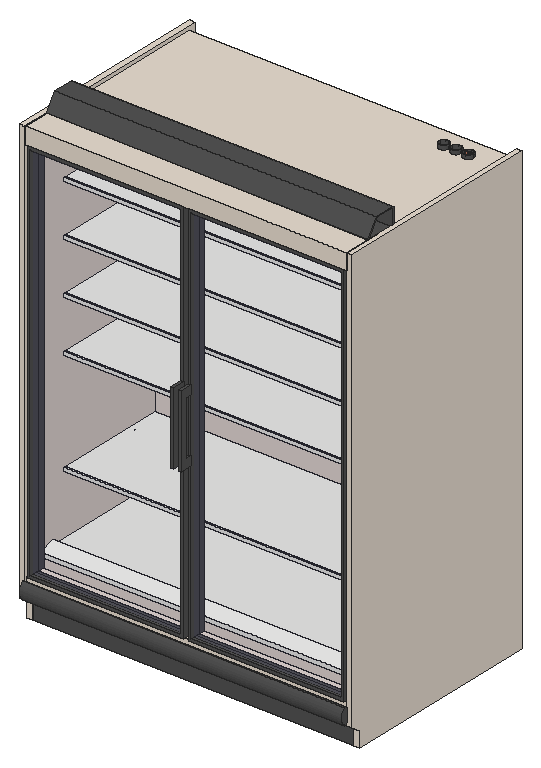
Revit family
Parameters (values of type "RLT-2")
  Voltage - Electric Defrost = 208 V
  Voltage [instance] = 120 V
  URL = "www.hussmann.com"
  Temp Sensor [instance] = "Temp Sensor"
  System Control [instance] = "0.10A"
  Standard Right End Cap On/Off [instance] = yes
  Standard Left End Cap On/Off [instance] = yes
  Revit Family Dates = "12/17/13(08/13)PMA"
  Refrig. Suction = "Suction"
  Refrig. Liquid = "Liquid"
  Ref. Sys. Control [instance] = 0.1 A
  R.I. - LR Door Swing YES/NO [instance] = yes
  Phase [instance] = 1
  Model = "RLT-2"
  Manufacturer = "HUSSMANN CORP"
  Glass [instance] = Glass
  Frequency [instance] = 60 Hz
  Elect. Defrost Amps [instance] = "7.70A"
  Elect. Def.-2 Yes/No [instance] = no
  Elect. Def. Yes/No [instance] = yes
  Elect. Def. Amps [instance] = 7.7 A
  EMS (Controller)-2 YES/NO [instance] = no
  EMS (Controller) YES/NO [instance] = yes
  Drain Heaters [instance] = 2.5 A
  Description = "2-Door Reach-in Low Temp Case"
  Copper-Suction = Copper
  Copper-Liquid = Copper
  Controls-2 YES/NO [instance] = no
  Controls Yes/No [instance] = no
  Controller (EMS) [instance] = 0.1 A
  Condensate Drain Connection [instance] = "1 1/4\""
  Color - Toe Kick [instance] = Shadow Black
  Color - Shelves [instance] = Interior White
  Color - Light [instance] = Light
  Color - Legs [instance] = Shadow Black
  Color - Interior [instance] = Interior White
  Color - Bumper Rail [instance] = Shadow Black
  Color - Body [instance] = Mystic Gray
  Color [instance] = Shadow Black
  Case Lights-2 YES/NO [instance] = no
  Case Lights YES/NO [instance] = yes
  Case Lights Amps [instance] = "0.36A"
  Case Lights [instance] = 0.36 A
  Case KG Sup Htrs. [instance] = "2.30A"
  Case KG Sup Htrs-2 YES/NO [instance] = no
  Case KG Sup Htrs YES/NO [instance] = no
  Case KG Sup Htrs [instance] = 2.3 A
  Case Fans-MCA [instance] = 5.7 A
  Case Fans-2 YES/NO [instance] = no
  Case Fans YES/NO [instance] = yes
  Case Fans (MCA) [instance] = "5.70A"
  Case Drain Htrs-2 YES/NO [instance] = no
  Case Drain Htrs YES/NO [instance] = no
  Case Drain Htrs [instance] = "2.50A"
  5-Shelves On/Off [instance] = yes
  4-Shelves On/Off [instance] = no
  3-Shelves On/Off [instance] = no
  2-Shelves On/Off [instance] = no
  1-Shelves On/Off [instance] = no
Reference planes (in)
  plane 1 "Center (Front/Back)": y = 0
  plane 2: z = 0
  plane 3 "Center (Left/Right)": x = 0
  plane 4: x = 62
  plane 5: y = -42.125
  plane 6: z = 4.75
  plane 7: x = 31
  plane 8: x = 30.5
  plane 9: x = 31.5
  plane 10: x = 0.5
  plane 11: x = 61.5
  plane 12: z = 82.75017
  plane 13: z = 8.25017
  plane 14: x = 30
  plane 15: x = 32
  plane 16: x = 1
  plane 17: x = 61
  plane 18: z = 8.75017
  plane 19: z = 82.25017
  plane 20: y = -40.875
  plane 21: y = -39
  plane 22: y = -43.16337
  plane 23: z = 89.00011
  plane 24: z = 86.00442
Forms (in)
  Extrusion 1, solid, material "Mystic Gray" <- "Color - Body"
    sketch origin (0, 0, 0) x (0, 1, 0) y (0, 0, 1)
      loop
        line (-40.6, 8.25017) -> (-40.6, 4.265) -> (-39.3376, 4.265) -> (-38.7126, 5.34753) -> (-37.67764, 4.75) -> (0, 4.75) -> (0, 54.406) -> (-1.626, 54.406) -> (-1.626, 85.375) -> (-29.626, 85.375) -> (-35.7178, 86.00442) -> (-40.87784, 86.00442) -> (-40.87784, 82.75442) -> (-36.90797, 82.75442) -> (-36.90797, 83.34417) -> (-33.56579, 83.34417) -> (-33.65569, 81.38621) -> (-31.65779, 81.29448) -> (-31.6237, 82.03699) -> (-9.64685, 81.02795) -> (-9.64685, 10.27795) -> (-36.64685, 10.27795) -> (-36.64685, 9.94983) -> (-36.98797, 9.94983) -> (-36.98797, 8.25017) -> (-40.6, 8.25017)
    from 0 to 62
  Extrusion 2, solid, material "Shadow Black" <- "Color - Legs"
    sketch origin (0, 0, 0) x (1, 0, 0) y (0, 1, 0)
      loop
        line (4, -36.707) -> (10, -36.707) -> (10, -35.86) -> (9, -35.86) -> (9, -30.528) -> (10, -30.528) -> (10, -29.778) -> (4, -29.778) -> (4, -30.528) -> (5, -30.528) -> (5, -35.86) -> (4, -35.86) -> (4, -36.707)
      loop
        line (52, -36.707) -> (58, -36.707) -> (58, -35.86) -> (57, -35.86) -> (57, -30.528) -> (58, -30.528) -> (58, -29.778) -> (52, -29.778) -> (52, -30.528) -> (53, -30.528) -> (53, -35.86) -> (52, -35.86) -> (52, -36.707)
    from 0 to 4.639
  Extrusion 3, solid, material "Shadow Black" <- "Color - Toe Kick"
    sketch origin (0, 0, 0) x (0, 1, 0) y (0, 0, 1)
      loop
        line (-37.67764, 4.75) -> (-37.471, 3.6869) -> (-38.14784, 3.6869) -> (-38.22804, 3.548) -> (-38.79179, 3.34281) -> (-39, 3.02219) -> (-39, 0) -> (-36.707, 0) -> (-36.707, 4.75) -> (-37.67764, 4.75)
    from 0 to 62
  Extrusion 4, solid, material "Shadow Black" <- "Color - Legs"
    sketch origin (0, 0, 0) x (0, 1, 0) y (0, 0, 1)
      loop
        line (-30.75, 4.75) -> (-30.75, 1.556) -> (-29.691, 1.556) -> (-29.691, 0) -> (-27.799, 0) -> (-27.799, 1.556) -> (-2.895, 1.556) -> (-2.895, 0) -> (-1.003, 0) -> (-1.003, 1.556) -> (0, 1.556) -> (0, 4.75) -> (-30.75, 4.75)
    from 0 to 62
  Extrusion 5, solid, material "Interior White" <- "Color - Interior"
    sketch origin (0, 0, 0) x (0, 1, 0) y (0, 0, 1)
      loop
        line (-9.64685, 10.27795) -> (-9.64685, 17.37517) -> (-14.2885, 17.37517) -> (-14.2885, 10.94933) -> (-34.45597, 10.94933) -> (-34.45597, 11.95641) -> (-37.00724, 10.94933) -> (-37.00724, 9.94933) -> (-36.6378, 9.94933) -> (-36.6378, 10.27795) -> (-9.64685, 10.27795)
    from 0 to 62
  Extrusion 6, solid, material "Interior White" <- "Color - Shelves", visible <- "5-Shelves On/Off"
    sketch origin (0, 0, 0) x (0, 1, 0) y (0, 0, 1)
      loop
        line (-9.64685, 23.17405) -> (-31.4298, 23.17405) -> (-31.4298, 23.3192) -> (-31.6635, 23.21022) -> (-31.6635, 22.58599) -> (-31.29125, 22.8665) -> (-31.11141, 22.74057) -> (-29.50986, 22.74057) -> (-29.50986, 22.24057) -> (-28.63922, 22.21017) -> (-28.63922, 22.11574) -> (-14.76647, 22.11574) -> (-10.99391, 18.8565) -> (-10.00662, 18.37496) -> (-9.64685, 18.37496) -> (-9.64685, 23.17405)
      loop
        line (-9.64685, 43.17405) -> (-31.4298, 43.17405) -> (-31.4298, 43.3192) -> (-31.6635, 43.21022) -> (-31.6635, 42.58599) -> (-31.29125, 42.8665) -> (-31.11141, 42.74057) -> (-29.50986, 42.74057) -> (-29.50986, 42.24057) -> (-28.63922, 42.21017) -> (-28.63922, 42.11574) -> (-14.76647, 42.11574) -> (-10.99391, 38.8565) -> (-10.00662, 38.37496) -> (-9.64685, 38.37496) -> (-9.64685, 43.17405)
      loop
        line (-9.64685, 53.17405) -> (-31.4298, 53.17405) -> (-31.4298, 53.3192) -> (-31.6635, 53.21022) -> (-31.6635, 52.58599) -> (-31.29125, 52.8665) -> (-31.11141, 52.74057) -> (-29.50986, 52.74057) -> (-29.50986, 52.24057) -> (-28.63922, 52.21017) -> (-28.63922, 52.11574) -> (-14.76647, 52.11574) -> (-10.99391, 48.8565) -> (-10.00662, 48.37496) -> (-9.64685, 48.37496) -> (-9.64685, 53.17405)
      loop
        line (-9.64685, 63.17405) -> (-31.4298, 63.17405) -> (-31.4298, 63.3192) -> (-31.6635, 63.21022) -> (-31.6635, 62.58599) -> (-31.29125, 62.8665) -> (-31.11141, 62.74057) -> (-29.50986, 62.74057) -> (-29.50986, 62.24057) -> (-28.63922, 62.21017) -> (-28.63922, 62.11574) -> (-14.76647, 62.11574) -> (-10.99391, 58.8565) -> (-10.00662, 58.37496) -> (-9.64685, 58.37496) -> (-9.64685, 63.17405)
      loop
        line (-9.64685, 73.17405) -> (-31.4298, 73.17405) -> (-31.4298, 73.3192) -> (-31.6635, 73.21022) -> (-31.6635, 72.58599) -> (-31.29125, 72.8665) -> (-31.11141, 72.74057) -> (-29.50986, 72.74057) -> (-29.50986, 72.24057) -> (-28.63922, 72.21017) -> (-28.63922, 72.11574) -> (-14.76647, 72.11574) -> (-10.99391, 68.8565) -> (-10.00662, 68.37496) -> (-9.64685, 68.37496) -> (-9.64685, 73.17405)
    from 0 to 62
  Extrusion 7, solid, material "Shadow Black" <- "Color - Bumper Rail"
    sketch origin (0, 0, 0) x (0, 1, 0) y (0, 0, 1)
      loop
        line (-40.6, 7.23837) -> (-41.07283, 7.7112) -> (-41.39244, 7.7112)
        arc (-41.39244, 7.7112) -> (-42.13964, 6.12628) -> (-41.39244, 4.54135) r 2.05454
        line (-41.39244, 4.54135) -> (-41.07408, 4.54135) -> (-40.6, 5.01543) -> (-40.6, 7.23837)
    from 0 to 62
  Extrusion 8, solid, material "Shadow Black" <- "Color"
    sketch origin (0, 0, 0) x (0, 1, 0) y (0, 0, 1)
      loop
        line (-38.8929, 82.75442) -> (-38.8929, 8.25017) -> (-36.98797, 8.25017) -> (-36.98797, 82.75442) -> (-38.8929, 82.75442)
    from 0 to 0.5
  Extrusion 9, solid, material "Shadow Black" <- "Color"
    sketch origin (30.5, -0.09507, 0) x (0, 1, 0) y (0, 0, 1)
      loop
        line (-38.8929, 82.75442) -> (-38.8929, 8.25017) -> (-36.98797, 8.25017) -> (-36.98797, 82.75442) -> (-38.8929, 82.75442)
    from 0 to 1
  Extrusion 10, solid, material "Shadow Black" <- "Color"
    sketch origin (61.5, -0.0369, 0) x (0, 1, 0) y (0, 0, 1)
      loop
        line (-38.8929, 82.75442) -> (-38.8929, 8.25017) -> (-36.98797, 8.25017) -> (-36.98797, 82.75442) -> (-38.8929, 82.75442)
    from 0 to 0.5
  Extrusion 11, solid, material "Shadow Black" <- "Color"
    sketch origin (0, 0, 0) x (1, 0, 0) y (0, 0, 1)
      loop
        line (0.5, 8.25017) -> (30.5, 8.25017) -> (30.5, 82.75442) -> (0.5, 82.75442) -> (0.5, 8.25017)
      loop
        line (1, 8.75017) -> (30, 8.75017) -> (30, 82.25017) -> (1, 82.25017) -> (1, 8.75017)
    from 39 to 40.87784
  Extrusion 12, solid, material "Glass" <- "Glass"
    sketch origin (0, 0, 0) x (1, 0, 0) y (0, 0, 1)
      loop
        line (1, 8.75017) -> (30, 8.75017) -> (30, 82.25017) -> (1, 82.25017) -> (1, 8.75017)
    from 39.65088 to 40.28076
  Extrusion 13, solid, material "Shadow Black" <- "Color"
    sketch origin (31, 0, 0) x (1, 0, 0) y (0, 0, 1)
      loop
        line (0.5, 8.25017) -> (30.5, 8.25017) -> (30.5, 82.75442) -> (0.5, 82.75442) -> (0.5, 8.25017)
      loop
        line (1, 8.75017) -> (30, 8.75017) -> (30, 82.25017) -> (1, 82.25017) -> (1, 8.75017)
    from 39 to 40.87784
  Extrusion 14, solid, material "Glass" <- "Glass"
    sketch origin (31, 0, 0) x (1, 0, 0) y (0, 0, 1)
      loop
        line (1, 8.75017) -> (30, 8.75017) -> (30, 82.25017) -> (1, 82.25017) -> (1, 8.75017)
    from 39.65088 to 40.28076
  Extrusion 15, solid, material "Shadow Black" <- "Color"
    sketch origin (0, 0, 0) x (0, 1, 0) y (0, 0, 1)
      loop
        line (-40.875, 52.65143) -> (-43.16337, 52.65143) -> (-43.16337, 38.65143) -> (-40.87784, 38.65143) -> (-40.87784, 40.40143) -> (-42.26191, 40.40143) -> (-42.26191, 50.90143) -> (-40.875, 50.90143) -> (-40.875, 52.65143)
    from 30 to 30.5
  Extrusion 16, solid, material "Shadow Black" <- "Color"
    sketch origin (1.5, 0.03553, 0) x (0, 1, 0) y (0, 0, 1)
      loop
        line (-40.875, 52.65143) -> (-43.16337, 52.65143) -> (-43.16337, 38.65143) -> (-40.87784, 38.65143) -> (-40.87784, 40.40143) -> (-42.26191, 40.40143) -> (-42.26191, 50.90143) -> (-40.875, 50.90143) -> (-40.875, 52.65143)
    from 30 to 30.5
  Extrusion 17, solid
    sketch origin (0, 0, 0) x (1, 0, 0) y (0, 1, 0)
      loop
        circle (38.125, -34.62535) r 0.625
      loop
        circle (38.125, -34.62535) r 0.5578
    from 3.875 to 4.75
  Extrusion 18, solid, material "Shadow Black" <- "Color"
    sketch origin (0, 0, 0) x (1, 0, 0) y (0, 1, 0)
      loop
        circle (57.125, -5.5) r 0.9375
      loop
        circle (57.125, -5.5) r 0.84894
    from 85.375 to 86.00442
  Extrusion 19, solid, material "Shadow Black" <- "Color"
    sketch origin (-2.375, 0, 0) x (1, 0, 0) y (0, 1, 0)
      loop
        circle (57.125, -5.5) r 0.9375
      loop
        circle (57.125, -5.5) r 0.84894
    from 85.375 to 86.00442
  Extrusion 20, solid, material "Shadow Black" <- "Color"
    sketch origin (-4.75, 0, 0) x (1, 0, 0) y (0, 1, 0)
      loop
        circle (57.125, -5.5) r 0.9375
      loop
        circle (57.125, -5.5) r 0.84894
    from 85.36717 to 86
  Extrusion 21, solid
    sketch origin (7.25, -1.75, 0) x (1, 0, 0) y (0, 1, 0)
      loop
        circle (2.75, -30.16725) r 0.5
      loop
        circle (2.75, -30.16725) r 0.47014
      loop
        circle (4, -30.16725) r 0.5
      loop
        circle (4, -30.16725) r 0.47014
      loop
        circle (5.25, -30.16725) r 0.5
      loop
        circle (5.25, -30.16725) r 0.47014
      loop
        circle (6.5, -30.16725) r 0.5
      loop
        circle (6.5, -30.16725) r 0.47014
      loop
        circle (7.75, -30.16725) r 0.5
      loop
        circle (7.75, -30.16725) r 0.47014
      loop
        circle (2.75, -29.04125) r 0.5
      loop
        circle (2.75, -29.04125) r 0.47014
      loop
        circle (4, -29.04125) r 0.5
      loop
        circle (4, -29.04125) r 0.47014
    from 85.375 to 86.33078
  Extrusion 22, solid, material "Shadow Black" <- "Color"
    sketch origin (0, 0, 0) x (0, 1, 0) y (0, 0, 1)
      loop
        line (-29.626, 85.375) -> (-29.626, 89.00011) -> (-33.6202, 89.00011) -> (-35.7178, 86.00442) -> (-29.626, 85.375)
      loop
        line (-29.71248, 85.4692) -> (-29.71248, 88.90921) -> (-33.57153, 88.90921) -> (-35.55739, 86.07311) -> (-29.71248, 85.4692)
    from 0 to 62
  Extrusion 23, solid
    sketch origin (54.75, -1.75, 0) x (-1, 0, 0) y (0, -1, 0)
      loop
        circle (2.75, 30.16725) r 0.5
      loop
        circle (2.75, 30.16725) r 0.47014
      loop
        circle (4, 30.16725) r 0.5
      loop
        circle (4, 30.16725) r 0.47014
      loop
        circle (5.25, 30.16725) r 0.5
      loop
        circle (5.25, 30.16725) r 0.47014
      loop
        circle (6.5, 30.16725) r 0.5
      loop
        circle (6.5, 30.16725) r 0.47014
      loop
        circle (7.75, 30.16725) r 0.5
      loop
        circle (7.75, 30.16725) r 0.47014
      loop
        circle (2.75, 29.04125) r 0.5
      loop
        circle (2.75, 29.04125) r 0.47014
      loop
        circle (4, 29.04125) r 0.5
      loop
        circle (4, 29.04125) r 0.47014
    from 85.375 to 86.33078
  Extrusion 24, solid, material "Copper" <- "Copper-Suction"
    sketch origin (0, 0, 0) x (1, 0, 0) y (0, 1, 0)
      loop
        circle (57.42378, -5.50951) r 0.3125
      loop
        circle (57.42378, -5.50951) r 0.28333
    from 85.375 to 86.00442
  Extrusion 25, solid, material "Copper" <- "Copper-Liquid"
    sketch origin (0, 0, 0) x (1, 0, 0) y (0, 1, 0)
      loop
        circle (56.67874, -5.50951) r 0.1875
      loop
        circle (56.67874, -5.50951) r 0.17549
    from 85.375 to 86.00442
  Extrusion 26, solid, material "Interior White" <- "Color - Shelves", visible <- "1-Shelves On/Off"
    sketch origin (0, 0, 0) x (0, 1, 0) y (0, 0, 1)
      loop
        line (-9.64685, 43.17405) -> (-31.4298, 43.17405) -> (-31.4298, 43.3192) -> (-31.6635, 43.21022) -> (-31.6635, 42.58599) -> (-31.29125, 42.8665) -> (-31.11141, 42.74057) -> (-29.50986, 42.74057) -> (-29.50986, 42.24057) -> (-28.63922, 42.21017) -> (-28.63922, 42.11574) -> (-14.76647, 42.11574) -> (-10.99391, 38.8565) -> (-10.00662, 38.37496) -> (-9.64685, 38.37496) -> (-9.64685, 43.17405)
    from 0 to 62
  Extrusion 27, solid, material "Interior White" <- "Color - Shelves", visible <- "2-Shelves On/Off"
    sketch origin (0, 0, 0) x (0, 1, 0) y (0, 0, 1)
      loop
        line (-9.64685, 43.17405) -> (-31.4298, 43.17405) -> (-31.4298, 43.3192) -> (-31.6635, 43.21022) -> (-31.6635, 42.58599) -> (-31.29125, 42.8665) -> (-31.11141, 42.74057) -> (-29.50986, 42.74057) -> (-29.50986, 42.24057) -> (-28.63922, 42.21017) -> (-28.63922, 42.11574) -> (-14.76647, 42.11574) -> (-10.99391, 38.8565) -> (-10.00662, 38.37496) -> (-9.64685, 38.37496) -> (-9.64685, 43.17405)
      loop
        line (-9.64685, 63.17405) -> (-31.4298, 63.17405) -> (-31.4298, 63.3192) -> (-31.6635, 63.21022) -> (-31.6635, 62.58599) -> (-31.29125, 62.8665) -> (-31.11141, 62.74057) -> (-29.50986, 62.74057) -> (-29.50986, 62.24057) -> (-28.63922, 62.21017) -> (-28.63922, 62.11574) -> (-14.76647, 62.11574) -> (-10.99391, 58.8565) -> (-10.00662, 58.37496) -> (-9.64685, 58.37496) -> (-9.64685, 63.17405)
    from 0 to 62
  Extrusion 28, solid, material "Interior White" <- "Color - Shelves", visible <- "3-Shelves On/Off"
    sketch origin (0, 0, 0) x (0, 1, 0) y (0, 0, 1)
      loop
        line (-9.64685, 43.17405) -> (-31.4298, 43.17405) -> (-31.4298, 43.3192) -> (-31.6635, 43.21022) -> (-31.6635, 42.58599) -> (-31.29125, 42.8665) -> (-31.11141, 42.74057) -> (-29.50986, 42.74057) -> (-29.50986, 42.24057) -> (-28.63922, 42.21017) -> (-28.63922, 42.11574) -> (-14.76647, 42.11574) -> (-10.99391, 38.8565) -> (-10.00662, 38.37496) -> (-9.64685, 38.37496) -> (-9.64685, 43.17405)
      loop
        line (-9.64685, 53.17405) -> (-31.4298, 53.17405) -> (-31.4298, 53.3192) -> (-31.6635, 53.21022) -> (-31.6635, 52.58599) -> (-31.29125, 52.8665) -> (-31.11141, 52.74057) -> (-29.50986, 52.74057) -> (-29.50986, 52.24057) -> (-28.63922, 52.21017) -> (-28.63922, 52.11574) -> (-14.76647, 52.11574) -> (-10.99391, 48.8565) -> (-10.00662, 48.37496) -> (-9.64685, 48.37496) -> (-9.64685, 53.17405)
      loop
        line (-9.64685, 63.17405) -> (-31.4298, 63.17405) -> (-31.4298, 63.3192) -> (-31.6635, 63.21022) -> (-31.6635, 62.58599) -> (-31.29125, 62.8665) -> (-31.11141, 62.74057) -> (-29.50986, 62.74057) -> (-29.50986, 62.24057) -> (-28.63922, 62.21017) -> (-28.63922, 62.11574) -> (-14.76647, 62.11574) -> (-10.99391, 58.8565) -> (-10.00662, 58.37496) -> (-9.64685, 58.37496) -> (-9.64685, 63.17405)
    from 0 to 62
  Extrusion 29, solid, material "Interior White" <- "Color - Shelves", visible <- "4-Shelves On/Off"
    sketch origin (0, 0, 0) x (0, 1, 0) y (0, 0, 1)
      loop
        line (-9.64685, 43.17405) -> (-31.4298, 43.17405) -> (-31.4298, 43.3192) -> (-31.6635, 43.21022) -> (-31.6635, 42.58599) -> (-31.29125, 42.8665) -> (-31.11141, 42.74057) -> (-29.50986, 42.74057) -> (-29.50986, 42.24057) -> (-28.63922, 42.21017) -> (-28.63922, 42.11574) -> (-14.76647, 42.11574) -> (-10.99391, 38.8565) -> (-10.00662, 38.37496) -> (-9.64685, 38.37496) -> (-9.64685, 43.17405)
      loop
        line (-9.64685, 53.17405) -> (-31.4298, 53.17405) -> (-31.4298, 53.3192) -> (-31.6635, 53.21022) -> (-31.6635, 52.58599) -> (-31.29125, 52.8665) -> (-31.11141, 52.74057) -> (-29.50986, 52.74057) -> (-29.50986, 52.24057) -> (-28.63922, 52.21017) -> (-28.63922, 52.11574) -> (-14.76647, 52.11574) -> (-10.99391, 48.8565) -> (-10.00662, 48.37496) -> (-9.64685, 48.37496) -> (-9.64685, 53.17405)
      loop
        line (-9.64685, 63.17405) -> (-31.4298, 63.17405) -> (-31.4298, 63.3192) -> (-31.6635, 63.21022) -> (-31.6635, 62.58599) -> (-31.29125, 62.8665) -> (-31.11141, 62.74057) -> (-29.50986, 62.74057) -> (-29.50986, 62.24057) -> (-28.63922, 62.21017) -> (-28.63922, 62.11574) -> (-14.76647, 62.11574) -> (-10.99391, 58.8565) -> (-10.00662, 58.37496) -> (-9.64685, 58.37496) -> (-9.64685, 63.17405)
      loop
        line (-9.64685, 73.17405) -> (-31.4298, 73.17405) -> (-31.4298, 73.3192) -> (-31.6635, 73.21022) -> (-31.6635, 72.58599) -> (-31.29125, 72.8665) -> (-31.11141, 72.74057) -> (-29.50986, 72.74057) -> (-29.50986, 72.24057) -> (-28.63922, 72.21017) -> (-28.63922, 72.11574) -> (-14.76647, 72.11574) -> (-10.99391, 68.8565) -> (-10.00662, 68.37496) -> (-9.64685, 68.37496) -> (-9.64685, 73.17405)
    from 0 to 62
Lines and regions (in)
  symbolic lines
    curve 1: line (0, -42.13964, 0) -> (62, -42.13964, 0)
    curve 2: line (0, 0, 0) -> (0, -42.13964, 0)
    curve 3: line (62, 0, 0) -> (0, 0, 0)
    curve 4: line (62, -42.13964, 0) -> (62, 0, 0)
  symbolic lines, visible <- "R.I. - LR Door Swing YES/NO"
    curve 5: line (1, -42.13964, 0) -> (1, -72.13964, 0)
    curve 6: arc (1, -72.13964, 0) -> (22.2132, -63.35284, 0) -> (31, -42.13964, 0) r 30
    curve 7: line (61, -42.13964, 0) -> (61, -72.13964, 0)
    curve 8: arc (61, -72.13964, 0) -> (39.7868, -63.35284, 0) -> (31, -42.13964, 0) r 30
Dimensions and locks (in)
  plane 20 to plane 1 "Center (Front/Back)" = 3' - 4 7/8"
  plane 21 to plane 1 "Center (Front/Back)" = 3' - 3"
  plane 5 to plane 1 "Center (Front/Back)" = 3' - 6 1/8"  (x2)
  plane 24 to level = 7' - 2.00442"
  plane 23 to level = 7' - 5.00011"
  plane 3 "Center (Left/Right)" to plane 4 = 5' - 2"
  aligned and locked: Extrusion 8 sketch curve to Extrusion 1  (x2)
  aligned and locked: plane 9 to Extrusion 9
  aligned and locked: Extrusion 10 to plane 11
  aligned and locked: Extrusion 8 to Extrusion 11 sketch curve  (x2)
  aligned and locked: Extrusion 11 sketch curve to Extrusion 9  (x2)
  aligned and locked: plane 16 to Extrusion 11 sketch curve
  aligned and locked: Extrusion 11 sketch curve to plane 18
  aligned and locked: plane 19 to Extrusion 11 sketch curve
  aligned and locked: plane 14 to Extrusion 11 sketch curve
  aligned and locked: Extrusion 1 to Extrusion 11
  aligned and locked: Extrusion 12 sketch curve to Extrusion 11  (x3)
  aligned and locked: Extrusion 11 to Extrusion 12 sketch curve
  aligned and locked: Extrusion 14 sketch curve to Extrusion 13  (x3)
  aligned and locked: Extrusion 13 to Extrusion 14 sketch curve
  aligned and locked: Extrusion 15 to plane 14
  aligned and locked: plane 8 to Extrusion 15
  aligned and locked: plane 15 to Extrusion 16
  aligned and locked: Extrusion 16 to plane 9
  aligned and locked: curve 2 to Extrusion 7
  aligned and locked: curve 3 to Extrusion 1
  aligned and locked: curve 4 to Extrusion 1
  aligned and locked: Extrusion 1 sketch curve to Extrusion 22
  aligned and locked: Extrusion 1 to Extrusion 22
  aligned and locked: Extrusion 24 to Extrusion 1
  aligned and locked: Extrusion 18 to Extrusion 24
  aligned and locked: Extrusion 25 to Extrusion 1
  aligned and locked: Extrusion 18 to Extrusion 25
  aligned and locked: Extrusion 1 to Extrusion 27
  aligned and locked: Extrusion 1 to Extrusion 26
  aligned and locked: Extrusion 1 to Extrusion 28
  aligned and locked: Extrusion 1 to Extrusion 29
Nested families (in)
  nested 1: "Case Nodes" at (31, -39, 0), type "Case Nodes"
  nested 2: "Case Nodes" at (31, -29, 0), type "Case Nodes"
  nested 3: "Case Nodes" at (31, -33, 0), type "Case Nodes"
  nested 4: "RLT-INNOVATOR_END CAP" at (-1, 0, 0), visible <- "Standard Left End Cap On/Off", type "RLT END CAP"
  nested 5: "RLT-INNOVATOR_END CAP" at (62, 0, 0), visible <- "Standard Right End Cap On/Off", type "RLT END CAP"
  nested 6: "Case Nodes" at (10, -31.91592, 0), type "Case Nodes"
  nested 7: "Case Nodes" at (52, -31.91592, 0) x (-1, 0, 0) z (0, 0, 1), type "Case Nodes"
  nested 8: "Case Nodes" at (57.11238, -5.48329, 0) x (-1, 0, 0) z (0, 0, 1), type "Case Nodes"
  nested 9: "Case Model TXT" at (31, -9.63531, 0), type "Case Model TXT"
Connectors (in)
  piping at (38.125, -34.62535, 3.875)
    settings: on Extrusion 17, index 10, connector radius 5/8", flow factor 0, pipe flow 0 GPM, pressure drop 0.00 psi, fitting loss kfactor 0, connector angle 0.00°, fixture units 0, flow configuration 0, flow direction 2, fitting loss method 0, system type 16, connector reference index -1, connector utility 0, adjustable connector no, is connector primary yes, fitting loss table "", connector description ""
  electrical at (10, -31.91725, 86.33078), driven by "Phase", driven by "Voltage - Electric Defrost", driven by "Elect. Defrost Amps", driven by "Elect. Def. Yes/No"
    settings: on Extrusion 21, index 11, voltage 208 V, apparent load 0 VA, apparent load phase1 0 VA, apparent load phase2 0 VA, apparent load phase3 0 VA, power factor 1, load classification "Power", number of poles 1, system type 30, power factor state 1, is connector primary yes, connector utility yes, sub classification motor no, connector description "7.70A"
  electrical at (11.25, -31.91725, 86.33078), driven by "Phase", driven by "Voltage", driven by "Case Fans (MCA)", driven by "Case Fans YES/NO"
    settings: on Extrusion 21, index 12, voltage 120 V, apparent load 0 VA, apparent load phase1 0 VA, apparent load phase2 0 VA, apparent load phase3 0 VA, power factor 1, load classification "Motor", number of poles 1, system type 30, power factor state 1, is connector primary no, connector utility yes, sub classification motor no, connector description "5.70A"
  electrical at (12.5, -31.91725, 86.33078), driven by "Phase", driven by "Voltage", driven by "Case Lights Amps", driven by "Case Lights YES/NO"
    settings: on Extrusion 21, index 13, voltage 120 V, apparent load 0 VA, apparent load phase1 0 VA, apparent load phase2 0 VA, apparent load phase3 0 VA, power factor 1, load classification "Lighting", number of poles 1, system type 30, power factor state 1, is connector primary no, connector utility yes, sub classification motor no, connector description "0.36A"
  electrical at (13.75, -31.91725, 86.33078), driven by "Phase", driven by "Voltage", driven by "Case Drain Htrs", driven by "Case Drain Htrs YES/NO"
    settings: on Extrusion 21, index 14, voltage 120 V, apparent load 0 VA, apparent load phase1 0 VA, apparent load phase2 0 VA, apparent load phase3 0 VA, power factor 1, load classification "Power", number of poles 1, system type 30, power factor state 1, is connector primary no, connector utility no, sub classification motor no, connector description "2.50A"
  electrical at (15, -31.91725, 86.33078), driven by "Phase", driven by "Voltage", driven by "Case KG Sup Htrs.", driven by "Case KG Sup Htrs YES/NO"
    settings: on Extrusion 21, index 15, voltage 120 V, apparent load 0 VA, apparent load phase1 0 VA, apparent load phase2 0 VA, apparent load phase3 0 VA, power factor 1, load classification "Power", number of poles 1, system type 30, power factor state 1, is connector primary no, connector utility no, sub classification motor no, connector description "2.30A"
  electrical at (10, -30.79125, 86.33078), driven by "Controls Yes/No", driven by "System Control"
    settings: on Extrusion 21, index 16, voltage 0 V, apparent load 0 VA, apparent load phase1 0 VA, apparent load phase2 0 VA, apparent load phase3 0 VA, power factor 1, load classification "Other", number of poles 1, system type 13, power factor state 1, is connector primary no, connector utility no, sub classification motor no, connector description "0.10A"
  electrical at (11.25, -30.79125, 86.33078), driven by "EMS (Controller) YES/NO", driven by "Temp Sensor"
    settings: on Extrusion 21, index 17, voltage 0 V, apparent load 0 VA, apparent load phase1 0 VA, apparent load phase2 0 VA, apparent load phase3 0 VA, power factor 1, load classification "Other", number of poles 1, system type 5, power factor state 1, is connector primary no, connector utility yes, sub classification motor no, connector description "Temp Sensor"
  electrical at (52, -31.91725, 86.33078), driven by "Phase", driven by "Voltage - Electric Defrost", driven by "Elect. Defrost Amps", driven by "Elect. Def.-2 Yes/No"
    settings: on Extrusion 23, index 18, voltage 208 V, apparent load 0 VA, apparent load phase1 0 VA, apparent load phase2 0 VA, apparent load phase3 0 VA, power factor 1, load classification "Power", number of poles 1, system type 30, power factor state 1, is connector primary no, connector utility no, sub classification motor no, connector description "7.70A"
  electrical at (50.75, -31.91725, 86.33078), driven by "Phase", driven by "Voltage", driven by "Case Fans (MCA)", driven by "Case Fans-2 YES/NO"
    settings: on Extrusion 23, index 19, voltage 120 V, apparent load 0 VA, apparent load phase1 0 VA, apparent load phase2 0 VA, apparent load phase3 0 VA, power factor 1, load classification "Motor", number of poles 1, system type 30, power factor state 1, is connector primary no, connector utility no, sub classification motor no, connector description "5.70A"
  electrical at (49.5, -31.91725, 86.33078), driven by "Phase", driven by "Voltage", driven by "Case Lights Amps", driven by "Case Lights-2 YES/NO"
    settings: on Extrusion 23, index 20, voltage 120 V, apparent load 0 VA, apparent load phase1 0 VA, apparent load phase2 0 VA, apparent load phase3 0 VA, power factor 1, load classification "Lighting", number of poles 1, system type 30, power factor state 1, is connector primary no, connector utility no, sub classification motor no, connector description "0.36A"
  electrical at (48.25, -31.91725, 86.33078), driven by "Phase", driven by "Voltage", driven by "Case Drain Htrs", driven by "Case Drain Htrs-2 YES/NO"
    settings: on Extrusion 23, index 21, voltage 120 V, apparent load 0 VA, apparent load phase1 0 VA, apparent load phase2 0 VA, apparent load phase3 0 VA, power factor 1, load classification "Power", number of poles 1, system type 30, power factor state 1, is connector primary no, connector utility no, sub classification motor no, connector description "2.50A"
  electrical at (47, -31.91725, 86.33078), driven by "Phase", driven by "Voltage", driven by "Case KG Sup Htrs.", driven by "Case KG Sup Htrs-2 YES/NO"
    settings: on Extrusion 23, index 22, voltage 120 V, apparent load 0 VA, apparent load phase1 0 VA, apparent load phase2 0 VA, apparent load phase3 0 VA, power factor 1, load classification "Power", number of poles 1, system type 30, power factor state 1, is connector primary no, connector utility no, sub classification motor no, connector description "2.30A"
  electrical at (52, -30.79125, 86.33078), driven by "Controls-2 YES/NO", driven by "System Control"
    settings: on Extrusion 23, index 23, voltage 0 V, apparent load 0 VA, apparent load phase1 0 VA, apparent load phase2 0 VA, apparent load phase3 0 VA, power factor 1, load classification "Other", number of poles 1, system type 13, power factor state 1, is connector primary no, connector utility no, sub classification motor no, connector description "0.10A"
  electrical at (50.75, -30.79125, 86.33078), driven by "Temp Sensor", driven by "EMS (Controller)-2 YES/NO"
    settings: on Extrusion 23, index 24, voltage 0 V, apparent load 0 VA, apparent load phase1 0 VA, apparent load phase2 0 VA, apparent load phase3 0 VA, power factor 1, load classification "Other", number of poles 1, system type 5, power factor state 1, is connector primary no, connector utility no, sub classification motor no, connector description "Temp Sensor"
  piping at (57.42378, -5.50951, 86.00442), driven by "Refrig. Suction"
    settings: on Extrusion 24, index 25, connector radius 5/16", flow factor 0, pipe flow 0 GPM, pressure drop 0.00 psi, fitting loss kfactor 0, connector angle 0.00°, fixture units 0, flow configuration 0, flow direction 2, fitting loss method 0, system type 22, connector reference index -1, connector utility 0, adjustable connector no, is connector primary no, fitting loss table "", connector description "Suction"
  piping at (56.67874, -5.50951, 86.00442), driven by "Refrig. Liquid"
    settings: on Extrusion 25, index 26, connector radius 3/16", flow factor 0, pipe flow 0 GPM, pressure drop 0.00 psi, fitting loss kfactor 0, connector angle 0.00°, fixture units 0, flow configuration 0, flow direction 1, fitting loss method 0, system type 22, connector reference index -1, connector utility 0, adjustable connector no, is connector primary no, fitting loss table "", connector description "Liquid"
Definition of nested family "RLT-INNOVATOR_END CAP"
  Parameters (values of type "RLT END CAP")
    URL = "www.hussmann.com"
    Model = "RLT End Cap"
    Manufacturer = "Hussmann"
    Color - Body [instance] = Mystic Gray
  Reference planes (in)
    plane 1 "Center (Front/Back)": y = 0
    plane 2: z = 0
    plane 3 "Center (Left/Right)": x = 0
    plane 4: x = 1
  Forms (in)
    Extrusion 1, solid, material "Mystic Gray" <- "Color - Body"
      sketch origin (0, 0, 0) x (0, 1, 0) y (0, 0, 1)
        loop
          line (0, 0) -> (0, 86) -> (-40.875, 86) -> (-40.875, 4.25) -> (-39.10289, 3.00915) -> (-39.10289, 0) -> (0, 0)
      from 0 to 1
  Dimensions and locks (in)
    aligned and locked: plane 4 to Extrusion 1
Definition of nested family "Case Nodes"
  Reference planes (in)
    plane 1 "Center (Front/Back)": y = 0
    plane 2: z = 0
    plane 3 "Center (Left/Right)": x = 0
  Lines and regions (in)
    model lines, style "InvisibleLines"
      curve 1: line (2.12132, 2.12132, 0) -> (-2.12132, -2.12132, 0)
      curve 2: line (-2.12132, 2.12132, 0) -> (2.12132, -2.12132, 0)
  Dimensions and locks (in)
    aligned and locked: plane 2 to level
Definition of nested family "Case Model TXT"
  Parameters (values of type "Case Model TXT")
    Case Model = ""
  Reference planes (in)
    plane 1: y = 0
    plane 2: x = 0
  Text (in)
    label "RI3-10" at (-0.01571, -0.00721, 0), shows "Case Model"
